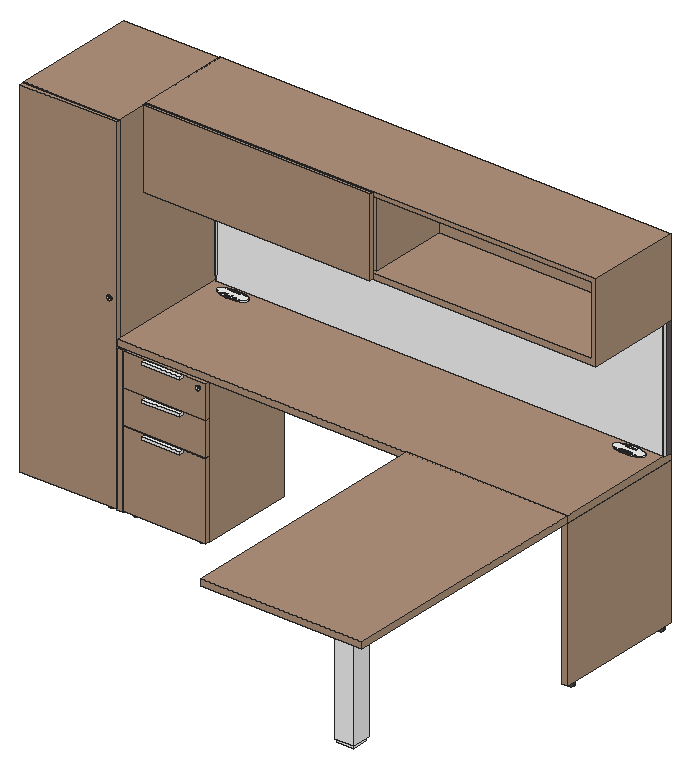
Revit family "Expansion_Casegoods-Private_01-Teknion-R2018", category Furniture Systems, Revit 2018 (continued)
Definition of nested family "Storage-Freestanding-Teknion-BSPSS_Pedestal-R2018"
  Lines and regions (in)
    Masking region 4
      outline origin (0, 0, 0) x (1, 0, 0) y (0, 1, 0)
        loop
          line (-3.86395, -14.06449) -> (-3.86395, -14.81646) -> (3.13605, -14.81646) -> (3.13605, -14.06449) -> (-3.86395, -14.06449)
    symbolic lines, detail levels fine
      curve 1: arc (-6.96391, 13.82122, 0) -> (-6.46391, 14.32122, 0) -> (-5.96391, 13.82122, 0) r 0.5
      curve 2: arc (-5.96391, 13.82122, 0) -> (-6.46391, 13.32122, 0) -> (-6.96391, 13.82122, 0) r 0.5
      curve 3: arc (5.23602, 13.82122, 0) -> (5.73602, 14.32122, 0) -> (6.23602, 13.82122, 0) r 0.5
      curve 4: arc (6.23602, 13.82122, 0) -> (5.73602, 13.32122, 0) -> (5.23602, 13.82122, 0) r 0.5
      curve 5: arc (5.23602, -12.72429, 0) -> (5.73602, -12.22429, 0) -> (6.23602, -12.72429, 0) r 0.5
      curve 6: arc (6.23602, -12.72429, 0) -> (5.73602, -13.22429, 0) -> (5.23602, -12.72429, 0) r 0.5
      curve 7: arc (-6.96391, -12.72429, 0) -> (-6.46391, -12.22429, 0) -> (-5.96391, -12.72429, 0) r 0.5
      curve 8: arc (-5.96391, -12.72429, 0) -> (-6.46391, -13.22429, 0) -> (-6.96391, -12.72429, 0) r 0.5
  Dimensions and locks (in)
    locked: plane 4 "Left" to plane 5 "Right" at 15.5
    "Depth": plane 6 "Back" to plane 7 "Front"
    locked: plane 8 "Top" to level at 27.48031
    equal spacing: plane 7 "Front", plane 1 "Center Front/Back", plane 6 "Back"
    equal spacing: plane 4 "Left", plane 3 "Center Left/Right", plane 5 "Right"
    locked: plane 7 "Front" to Sweep 1 sketch curve at 0.83858
    locked: plane 7 "Front" to plane 9 at 2.75
    Sweep 2 sketch curve to plane 9 = 0' - 3.589"
    Sweep 2 sketch curve to Sweep 2 sketch curve to level = 0' - 0.11811" locked, 1' - 2.88189" locked
    locked: plane 7 "Front" to Sweep 3 sketch curve at 0.70079
    locked: Sweep 3 sketch curve to level at 0.72047
    locked: plane 8 "Top" to Sweep 3 sketch curve at 0.11811
    locked: Sweep 4 sketch curve to plane 7 "Front" at 0.75197
    Sweep 4 sketch curve to Sweep 4 sketch curve to level = 0' - 0 1/2" locked, 1' - 2.36221" locked
    Sweep 4 sketch curve to plane 3 "Center Left/Right" to Sweep 4 sketch curve = 0' - 3 1/2" locked, 0' - 3 1/2" locked
    plane 8 "Top" to Sweep 5 sketch curve to Sweep 5 sketch curve = 0' - 0.13779" locked, 0' - 0 1/2" locked
    Sweep 5 sketch curve to plane 3 "Center Left/Right" to Sweep 5 sketch curve = 0' - 3 1/2" locked, 0' - 3 1/2" locked
    locked: Sweep 5 sketch curve to plane 7 "Front" at 0.75197
    locked: Sweep 6 sketch curve to plane 7 "Front" at 0.05906
    locked: plane 8 "Top" to Sweep 6 sketch curve at 1.37795
    locked: Sweep 6 sketch curve to plane 5 "Right" at 1.51575
    plane 8 "Top" to Sweep 6 sketch curve to Sweep 6 sketch curve = 0' - 1.19094" locked, 0' - 0.37402" locked
    Sweep 6 sketch curve to Sweep 6 sketch curve to plane 5 "Right" = 0' - 0.09843" locked, 0' - 1.46654" locked
    locked: plane 10 to level at 0.60236
    locked: plane 7 "Front" to Sweep 7 sketch curve at 1.3402  (x2)
    locked: plane 4 "Left" to Sweep 7 sketch curve at 1.65003  (x2)
    locked: Sweep 7 sketch curve to plane 5 "Right" at 1.65003  (x2)
    locked: plane 6 "Back" to Sweep 7 sketch curve at 2.11429  (x2)
    plane 8 "Top" to Sweep 8 sketch curve to Sweep 8 sketch curve = 0' - 6.24016" locked, 0' - 0.11811" locked
    "Box, Box, File Top Drawer Cut-Out": Sweep 8 sketch curve to plane 9
    plane 8 "Top" to Sweep 9 sketch curve to Sweep 9 sketch curve = 0' - 6.37795" locked, 0' - 0 1/2" locked
    Sweep 9 sketch curve to plane 3 "Center Left/Right" to Sweep 9 sketch curve = 0' - 3 1/2" locked, 0' - 3 1/2" locked
    locked: Sweep 9 sketch curve to plane 7 "Front" at 0.75197
    Masking region 3 sketch curve to Masking region 3 sketch curve to plane 5 "Right" = 0' - 0.7874" locked, 0' - 1.12205" locked
    aligned and locked: level to plane 2
    aligned and locked: plane 6 "Back" to Sweep 1 sketch curve
    aligned and locked: Sweep 1 sketch curve to plane 3 "Center Left/Right"
    aligned and locked: plane 5 "Right" to Sweep 1 sketch curve
    aligned and locked: plane 4 "Left" to Sweep 1 sketch curve
    aligned and locked: Sweep 1 sketch curve to plane 8 "Top"
    aligned and locked: plane 9 to Sweep 2 sketch curve
    aligned and locked: Sweep 2 sketch curve to plane 3 "Center Left/Right"
    aligned and locked: plane 5 "Right" to Sweep 2 sketch curve
    aligned and locked: plane 4 "Left" to Sweep 2 sketch curve
    aligned and locked: plane 7 "Front" to Sweep 3 sketch curve
    aligned and locked: plane 3 "Center Left/Right" to Sweep 3 sketch curve
    aligned and locked: plane 4 "Left" to Sweep 3 sketch curve
    aligned and locked: plane 5 "Right" to Sweep 3 sketch curve
    aligned and locked: plane 7 "Front" to Sweep 4 sketch curve
    aligned and locked: Sweep 4 sketch curve to plane 3 "Center Left/Right"
    aligned and locked: plane 7 "Front" to Sweep 5 sketch curve
    aligned and locked: Sweep 5 sketch curve to plane 3 "Center Left/Right"
    aligned and locked: plane 7 "Front" to Sweep 6 sketch curve
    aligned and locked: plane 10 to Sweep 7 sketch curve
    aligned and locked: level to Sweep 7 sketch curve
    aligned and locked: plane 3 "Center Left/Right" to Sweep 7 sketch curve
    aligned and locked: plane 4 "Left" to Sweep 8 sketch curve
    aligned and locked: plane 5 "Right" to Sweep 8 sketch curve
    aligned and locked: plane 9 to Sweep 8 sketch curve
    aligned and locked: plane 7 "Front" to Sweep 9 sketch curve
    aligned and locked: Sweep 9 sketch curve to plane 3 "Center Left/Right"
    aligned and locked: Masking region 1 sketch curve to plane 4 "Left"
    aligned and locked: Masking region 1 sketch curve to plane 6 "Back"
    aligned and locked: Masking region 1 sketch curve to plane 5 "Right"
    aligned and locked: Masking region 1 sketch curve to cut or joined group of Sweep 1, Sweep 8
    aligned and locked: Masking region 2 sketch curve to plane 7 "Front"
    aligned and locked: Masking region 2 sketch curve to plane 4 "Left"
    aligned and locked: Masking region 2 sketch curve to cut or joined group of Sweep 2, Sweep 3, Sweep 8
    aligned and locked: plane 5 "Right" to Masking region 2 sketch curve
    aligned and locked: Masking region 3 sketch curve to Sweep 6  (x2)
    aligned and locked: plane 7 "Front" to Masking region 4 sketch curve
    aligned and locked: Masking region 4 sketch curve to Sweep 4
    aligned and locked: Masking region 4 sketch curve to Sweep 5  (x2)
    aligned and locked: curve 1 to Sweep 7
    aligned and locked: curve 2 to Sweep 7
    aligned and locked: curve 3 to Sweep 7
    aligned and locked: curve 4 to Sweep 7
    aligned and locked: curve 5 to Sweep 7
    aligned and locked: curve 6 to Sweep 7
    aligned and locked: curve 7 to Sweep 7
    aligned and locked: curve 8 to Sweep 7
    aligned and locked: plane 10 to Sweep 1 sketch curve
  Automatic sketch dimensions
    plane 5 "Right" to Sweep 6 sketch curve = 0' - 1.51575"
    Sweep 8 sketch curve to plane 3 "Center Left/Right" = 0' - 0"
    radius of Sweep 6 sketch curve = 0' - 0.3937"
    radius of Sweep 7 sketch curve = 0' - 0 1/2"  (x4)
Definition of nested family "Storage-Freestanding-Teknion-BFRL_Full_Solid_Door_Tower-R2018"
  Parameters (values of type "18"w x 66"h")
    Warranty = "http://www.teknion.com/ca/papers/legal-canada"
    Wardrobe [instance] = not(or(Shelves, File Drawers and Shelves))  # no
    To render please download texture images found here [instance] = "https://assets.teknion.com/web/5e81352c1dfdb467/revit-material-swatches/"
    Shelves [instance] = yes
    Unit Weight URL = "http://www.teknion.com/pricing/expansion-casegoods/pdfs/wv.pdf"
    URL = "http://www.teknion.com/"
    Top Shelf Height Offset [instance] = if(Height = 5' 6", 1' 2.906", 1' 4.986")  # 1' - 2.906"
    Sustainability Data = "http://www.teknion.com/about-teknion/environment/datasheets.asp"
    Series = "Expansion Casegoods"  # constant formula
    Product Page URL = "http://www.teknion.com/ca/products/product-details?productlineid=0053336e-8e7a-673b-a6c8-ff00004460c4"
    Product Line = "Expansion Casegoods"  # constant formula
    Product Documentation Link = "http://www.teknion.com/pricing/expansion-casegoods/pdfs/BFRL_ppg.pdf"
    Part Number = "BFRL"  # constant formula
    Note [instance] = "Available Depths are 18 and 24 inches."  # constant formula
    Model = "BFRL___1866_"
    Middle Shelf Visibility [instance] = or(File Drawers and Shelves, Shelves)  # yes
    Middle Shelf Height Offset [instance] = if(Height = 5' 6", 1' 2.846", 1' 4.927")  # 1' - 2.846"
    Manufacturer Phone = "416-661-3370"
    Manufacturer Fax = "416.661.4586"
    Manufacturer Contact Information = "http://www.teknion.com/ca/contactus"
    Manufacturer Address = "1150 Flint Road, Toronto, ON. M3J 2J5. Canada"
    Manufacturer = "Teknion"  # constant formula
    Lock Height Offset [instance] = if(Height = 6' 0", 2' 9.722", 2' 5.561")  # 2' - 5.561"
    How to Add Texture Images to your Revit Project [instance] = "https://assets.teknion.com/m/205dd0a49fa58060/original/How-to-add-a-Material-Library-and-Texture-Images-to-your-Revit-project.pdf"
    Height = 5' - 6"
    For Additional Finishes please visit [instance] = "https://assets.teknion.com/m/44a8009b046e5d47/original/Teknion_Materials_Library.zip"
    File Drawers and Shelves [instance] = no
    Door Front Finish [instance] = none
    Description = "Freestanding Tower with Full Solid Door, 18\"w, 66\"h"
    Depth [instance] = 1' - 6"
    Configurations Note [instance] = "Please select one of the following."  # constant formula
    Case Finish [instance] = none
    Bottom Shelf Visibility [instance] = or(Shelves)  # yes
    Assembly Code = "E2020200"
    Actual Height = if(Height = 5' 6", 5' 5.165", 5' 11.406")  # 5' - 5.165"
    Actual Depth [instance] = if(Depth = 1' 6", 1' 5.161", 1' 11.161")  # 1' - 5.161"
  Types (2): name | Top Shelf Height Offset | Model | Middle Shelf Height Offset | Lock Height Offset | Height | Description | Actual Height
    18"w x 66"h | 1' - 2.906" | "BFRL___1866_" | 1' - 2.846" | 2' - 5.561" | 5' - 6" | "Freestanding Tower with Full Solid Door, 18\"w, 66\"h" | 5' - 5.165"
    18"w x 72"h | 1' - 4.986" | "BFRL___1872_" | 1' - 4.927" | 2' - 9.722" | 6' - 0" | "Freestanding Tower with Full Solid Door, 18\"w, 72\"h" | 5' - 11.406"
  Reference planes (in)
    plane 1 "Center F/B": y = 0.37429
    plane 2: z = 0
    plane 3 "Center L/R": x = 0
    plane 4 "Left": x = -8.955
    plane 5 "Right": x = 8.955
    plane 6 "Back": y = 8.95479
    plane 7 "Front": y = -8.20621
    plane 8 "Top": z = 65.165
    plane 9: z = 32.5825
    plane 10: y = -8.344
    plane 11: y = -9.04479
    plane 12: x = -8.25421
    plane 13: z = 2.49213
    plane 14: x = 8.25421
    plane 15: z = 64.46421
    plane 16: y = 8.254
    plane 17: z = 49.55821
    plane 18: z = 48.85743
    plane 19: z = 33.66096
    plane 20: z = 32.96017
    plane 21: z = 18.11417
    plane 22: z = 17.41339
  Forms (in)
    Sweep 1, solid, material <- "Case Finish"
      path origin (0, 0.37429, 0) x (1, 0, 0) y (0, 0, 1)
        loop
          line (0, 0.60236) -> (0, 65.165)
      profile origin (0, 0.37429, 32.88368) x (-1, 0, 0) y (0, -1, 0)
        loop
          line (8.955, -8.5805) -> (8.955, 8.5805) -> (-8.955, 8.5805) -> (-8.955, -8.5805) -> (8.955, -8.5805)
    Sweep 2, solid
      path origin (0, -9, 0) x (1, 0, 0) y (0, 0, 1)
        loop
          line (0, 0.60236) -> (0, 0)
      profile origin (0, -9, 0.30118) x (0, -1, 0) y (1, 0, 0)
        loop
          circle (-1.34556, -6.99292) r 0.5
        loop
          circle (-1.34556, 6.99292) r 0.5
        loop
          circle (-16.65862, -6.99292) r 0.5
        loop
          circle (-16.65862, 6.99292) r 0.5
    Extrusion 3, solid, material <- "Door Front Finish"
      sketch origin (-8.955, -9.04479, 48) x (-1, 0, 0) y (0, 0, 1)
        loop
          line (0, -47.27953) -> (0, 17.04689) -> (-17.91, 17.04689) -> (-17.91, -47.27953) -> (0, -47.27953)
      from 0 to 0.70079
    Extrusion 4, void
      sketch origin (-8.955, -8.344, 48) x (1, 0, 0) y (0, 0, 1)
        loop
          line (0.70079, -45.50787) -> (17.20921, -45.50787) -> (17.20921, 16.46421) -> (0.70079, 16.46421) -> (0.70079, -45.50787)
      from -16.59801 to -0.1378
    Extrusion 5, solid, material <- "Case Finish"
      sketch origin (-8.955, -8.344, 48) x (-1, 0, 0) y (0, 0, 1)
        loop
          line (-17.20921, 1.55821) -> (-17.20921, 0.85743) -> (-0.70079, 0.85743) -> (-0.70079, 1.55821) -> (-17.20921, 1.55821)
      from 0.1378 to 16.59801
    Extrusion 6, solid, material <- "Case Finish", visible <- "Middle Shelf Visibility"
      sketch origin (-15.16421, -8.344, 31.00849) x (-1, 0, 0) y (0, 0, 1)
        loop
          line (-23.41843, 2.65247) -> (-23.41843, 1.95168) -> (-6.91, 1.95168) -> (-6.91, 2.65247) -> (-23.41843, 2.65247)
      from 0.1378 to 16.59801
    Extrusion 7, solid, material <- "Case Finish", visible <- "Bottom Shelf Visibility"
      sketch origin (-8.955, -8.344, 16.55496) x (-1, 0, 0) y (0, 0, 1)
        loop
          line (-17.20921, 1.55921) -> (-17.20921, 0.85843) -> (-0.70079, 0.85843) -> (-0.70079, 1.55921) -> (-17.20921, 1.55921)
      from 0.1378 to 16.59801
    Extrusion 8, solid
      sketch origin (-8.5613, -9.04479, 48) x (-1, 0, 0) y (0, 0, 1)
        loop
          line (-16.22693, -12.396) -> (-16.22693, -12.77002) -> (-16.1285, -12.77002) -> (-16.1285, -12.396) -> (-16.22693, -12.396)
        loop
          circle (-16.17772, -12.58301) r 0.4
      from 0 to -0.05906
    Extrusion 9, solid, visible <- "File Drawers and Shelves"
      sketch origin (-8.5613, -9.18589, 48) x (-1, 0, 0) y (0, 0, 1)
        loop
          line (-0.30709, -30.58661) -> (-0.30709, -18.58661) -> (-16.81551, -18.58661) -> (-16.81551, -30.58661) -> (-0.30709, -30.58661)
        loop
          line (-0.30709, -44.08661) -> (-0.30709, -32.08661) -> (-16.81551, -32.08661) -> (-16.81551, -44.08661) -> (-0.30709, -44.08661)
      from 0.97969 to 1.68069
  Cuts and joins
    Extrusion 4 cuts Sweep 1
  Lines and regions (in)
    Masking region 1
      outline origin (0, 0, 65.165) x (-1, 0, 0) y (0, -1, 0)
        loop
          line (8.955, -8.95479) -> (8.955, 8.20621) -> (-8.955, 8.20621) -> (-8.955, -8.95479) -> (8.955, -8.95479)
    Masking region 2
      outline origin (0, 0, 0) x (1, 0, 0) y (0, 1, 0)
        loop
          line (-8.955, -8.344) -> (-8.955, -9.04479) -> (8.955, -9.04479) -> (8.955, -8.344) -> (-8.955, -8.344)
    symbolic lines
      curve 1: line (8.89594, 0.37429, 65.04689) -> (-8.89595, 0.37429, 32.5825)
      curve 2: line (-8.89595, 0.37429, 32.5825) -> (8.89594, 0.37429, 1.5748)
    symbolic lines, detail levels medium+fine
      curve 3: line (8.5613, -8.344, 0) -> (8.5613, -9.04479, 0)
      curve 15: line (8.25421, 8.254, 0) -> (-8.25421, 8.254, 0)
      curve 16: line (8.25421, -8.20621, 0) -> (8.25421, 8.254, 0)
      curve 17: line (-8.25421, 8.254, 0) -> (-8.25421, -8.20621, 0)
    symbolic lines, detail levels fine
      curve 4: line (7.21642, -9.10385, 0) -> (8.01642, -9.10385, 0)
      curve 5: line (8.01642, -9.10385, 0) -> (8.01642, -9.04479, 0)
      curve 6: line (7.21642, -9.10385, 0) -> (7.21642, -9.04479, 0)
      curve 7: arc (-6.99292, -8.15444, 0) -> (-6.49292, -7.65444, 0) -> (-6.99292, -7.15444, 0) r 0.5
      curve 8: arc (-6.99292, -7.15444, 0) -> (-7.49292, -7.65444, 0) -> (-6.99292, -8.15444, 0) r 0.5
      curve 9: arc (6.99292, -8.15444, 0) -> (7.49292, -7.65444, 0) -> (6.99292, -7.15444, 0) r 0.5
      curve 10: arc (6.99292, -7.15444, 0) -> (6.49292, -7.65444, 0) -> (6.99292, -8.15444, 0) r 0.5
      curve 11: arc (6.99292, 7.15862, 0) -> (7.49292, 7.65862, 0) -> (6.99292, 8.15862, 0) r 0.5
      curve 12: arc (6.99292, 8.15862, 0) -> (6.49292, 7.65862, 0) -> (6.99292, 7.15862, 0) r 0.5
      curve 13: arc (-6.99292, 7.15862, 0) -> (-6.49292, 7.65862, 0) -> (-6.99292, 8.15862, 0) r 0.5
      curve 14: arc (-6.99292, 8.15862, 0) -> (-7.49292, 7.65862, 0) -> (-6.99292, 7.15862, 0) r 0.5
    symbolic lines, visible <- "File Drawers and Shelves", detail levels fine
      curve 18: line (8.25421, -7.50521, 0) -> (-8.25421, -7.50521, 0)
  Dimensions and locks (in)
    equal spacing: plane 4 "Left", plane 3 "Center L/R", plane 5 "Right"
    locked: plane 4 "Left" to plane 5 "Right" at 17.91
    equal spacing: plane 6 "Back", plane 1 "Center F/B", plane 7 "Front"
    "Actual Height": plane 8 "Top" to plane 2
    locked: Sweep 1 sketch curve to plane 2 at 0.60236
    locked: plane 4 "Left" to Sweep 2 sketch curve at 1.96208  (x2)
    locked: plane 7 "Front" to Sweep 2 sketch curve at 0.55177  (x2)
    locked: Sweep 2 sketch curve to plane 2 at 0.60236
    equal spacing: plane 8 "Top", plane 9, plane 2
    locked: plane 6 "Back" to Sweep 2 sketch curve at 1.29617  (x2)
    locked: Sweep 2 sketch curve to plane 5 "Right" at 1.96208  (x2)
    locked: plane 7 "Front" to plane 10 at 0.1378
    locked: plane 10 to plane 11 at 0.70079
    locked: Extrusion 3 sketch curve to plane 2 at 0.72047
    locked: plane 8 "Top" to plane 15 at 0.70079
    locked: plane 12 to plane 4 "Left" at 0.70079
    locked: plane 14 to plane 5 "Right" at 0.70079
    locked: plane 13 to plane 2 at 2.49213
    locked: plane 6 "Back" to plane 16 at 0.70079
    locked: plane 17 to plane 18 at 0.70079
    locked: plane 19 to plane 20 at 0.70079
    "Middle Shelf Height Offset": plane 20 to plane 21
    locked: plane 21 to plane 22 at 0.70079
    locked: plane 22 to plane 13 at 14.92126
    "Top Shelf Height Offset": plane 15 to plane 17
    Extrusion 8 sketch curve to Extrusion 8 sketch curve to Extrusion 8 sketch curve = 0' - 0.18701" locked, 0' - 0.18701" locked
    "Lock Height Offset": plane 8 "Top" to Extrusion 8 sketch curve
    "Actual Depth": plane 6 "Back" to plane 7 "Front"
    curve 6 to curve 5 to plane 5 "Right" = 0' - 0.8" locked, 0' - 0.93858" locked
    locked: plane 8 "Top" to Extrusion 3 sketch curve at 0.11811
    locked: Extrusion 8 to plane 11 at 0.05906
    locked: Extrusion 9 sketch curve to plane 2 at 3.91339
    locked: plane 22 to Extrusion 9 sketch curve at 1.5
    locked: plane 20 to Extrusion 9 sketch curve at 3.54679
    locked: Extrusion 9 to plane 7 "Front" at 0.701
    aligned and locked: level to plane 2
    aligned and locked: Masking region 1 sketch curve to plane 5 "Right"
    aligned and locked: plane 4 "Left" to Masking region 1 sketch curve
    aligned and locked: plane 8 "Top" to Sweep 1 sketch curve
    aligned and locked: plane 3 "Center L/R" to Sweep 1 sketch curve
    aligned and locked: plane 4 "Left" to Sweep 1 sketch curve
    aligned and locked: Sweep 1 sketch curve to plane 5 "Right"
    aligned and locked: plane 2 to Sweep 2 sketch curve
    aligned and locked: nested 1 to plane 3 "Center L/R"
    aligned and locked: nested 1 to plane 7 "Front"
    aligned and locked: plane 9 to curve 2
    aligned and locked: Masking region 1 sketch curve to Sweep 1  (x2)
    aligned and locked: plane 4 "Left" to Extrusion 3 sketch curve
    aligned and locked: plane 10 to Extrusion 3
    aligned and locked: Extrusion 3 to plane 11
    aligned and locked: Extrusion 3 sketch curve to plane 5 "Right"
    aligned and locked: Extrusion 4 sketch curve to plane 13
    aligned and locked: Extrusion 4 sketch curve to plane 12
    aligned and locked: Extrusion 4 sketch curve to plane 15
    aligned and locked: plane 14 to Extrusion 4 sketch curve
    aligned and locked: plane 16 to Extrusion 4
    aligned and locked: plane 7 "Front" to Extrusion 4
    aligned and locked: plane 17 to Extrusion 5 sketch curve
    aligned and locked: plane 18 to Extrusion 5 sketch curve
    aligned and locked: plane 12 to Extrusion 5 sketch curve
    aligned and locked: Extrusion 5 sketch curve to plane 14
    aligned and locked: plane 16 to Extrusion 5
    aligned and locked: Extrusion 6 to plane 19
    aligned and locked: plane 20 to Extrusion 6
    aligned and locked: Extrusion 7 to plane 21
    aligned and locked: plane 22 to Extrusion 7
    aligned and locked: Extrusion 7 to plane 12
    aligned and locked: Extrusion 7 to plane 14
    aligned and locked: Extrusion 6 to plane 12
    aligned and locked: Extrusion 6 to plane 14
    aligned and locked: Sweep 1 sketch curve to plane 6 "Back"
    aligned and locked: Sweep 1 sketch curve to plane 7 "Front"
    aligned and locked: plane 16 to Extrusion 6
    aligned and locked: plane 16 to Extrusion 7
    aligned and locked: Masking region 2 sketch curve to plane 4 "Left"
    aligned and locked: Masking region 2 sketch curve to plane 10
    aligned and locked: Masking region 2 sketch curve to plane 11
    aligned and locked: plane 5 "Right" to Masking region 2 sketch curve
    aligned and locked: curve 4 to Extrusion 8
    aligned and locked: curve 7 to Sweep 2
    aligned and locked: curve 8 to Sweep 2
    aligned and locked: curve 9 to Sweep 2
    aligned and locked: curve 10 to Sweep 2
    aligned and locked: curve 11 to Sweep 2
    aligned and locked: curve 12 to Sweep 2
    aligned and locked: curve 13 to Sweep 2
    aligned and locked: curve 14 to Sweep 2
    aligned and locked: plane 7 "Front" to Extrusion 5
    aligned and locked: plane 7 "Front" to Extrusion 6
    aligned and locked: plane 7 "Front" to Extrusion 7
    aligned and locked: plane 11 to Extrusion 8
    aligned and locked: plane 22 to Extrusion 9 sketch curve
    aligned and locked: Extrusion 9 sketch curve to plane 14  (x2)
    aligned and locked: Extrusion 9 sketch curve to plane 12  (x2)
    aligned and locked: plane 7 "Front" to Extrusion 9
  Automatic sketch dimensions
    plane 4 "Left" to curve 1 = 0' - 0.05905"
    curve 2 to plane 5 "Right" = 0' - 0.05906"
    curve 1 to plane 5 "Right" = 0' - 0.05906"
    curve 2 to plane 13 = 0' - 0.91732"
    curve 1 to plane 8 "Top" = 0' - 0.11811"
    Sweep 2 sketch curve to plane 3 "Center L/R" = 0' - 0"
    Extrusion 6 sketch curve to plane 14 = 0' - 0"
    Extrusion 6 sketch curve to plane 12 = 0' - 0"
    plane 20 to Extrusion 6 sketch curve = 0' - 0"
    Extrusion 6 sketch curve to plane 19 = 0' - 0"
    Extrusion 7 sketch curve to plane 14 = 0' - 0"
    Extrusion 7 sketch curve to plane 12 = 0' - 0"
    plane 22 to Extrusion 7 sketch curve = 0' - 0"
    Extrusion 7 sketch curve to plane 21 = 0' - 0"
    plane 14 to Extrusion 8 sketch curve = 0' - 0.58858"
    Extrusion 8 sketch curve to Extrusion 8 sketch curve = 0' - 0.04921"
    Extrusion 8 sketch curve to Extrusion 8 sketch curve = 0' - 0.09843"
    curve 3 to plane 11 = 0' - 0"
    curve 3 to plane 10 = 0' - 0"
    plane 7 "Front" to curve 16 = 0' - 0"
    plane 7 "Front" to curve 17 = 0' - 0"
    curve 17 to plane 12 = 0' - 0"
    curve 15 to plane 14 = 0' - 0"
    curve 16 to plane 16 = 0' - 0"
    curve 3 to plane 14 = 0' - 0.30709"
    curve 4 to curve 6 = 0' - 0.05906"
    curve 4 to curve 5 = 0' - 0.05906"
    curve 18 to plane 7 "Front" = 0' - 0.701"
    radius of Sweep 2 sketch curve = 0' - 0 1/2"  (x4)
    radius of Extrusion 8 sketch curve = 0' - 0.4"
  Nested families (in)
    nested 1: "Door-Swing_Symbol-Teknion-2D" at (0, -8.20621, 0) x (-1, 0, 0) z (0, 0, 1), type "Door-Swing_Symbol-Teknion-2D", detail levels fine
      with Swing Width 1' - 5.91"
  Definition of nested family "Door-Swing_Symbol-Teknion-2D"
    Parameters
      Swing Width = 2' - 2"
    Reference planes (in)
      plane 1 "Center (Front/Back)": y = 0
      plane 2: z = 0
      plane 3 "Center (Left/Right)": x = 0
      plane 4: x = -13
      plane 5: x = 13
    Lines and regions (in)
      detail lines, in view "Ref. Level"
        curve 1: line (13, 0, 0) -> (13, -26, 0)
        curve 2: arc (-13, 0, 0) -> (-5.38478, -18.38478, 0) -> (13, -26, 0) r 26
    Dimensions and locks (in)
      equal spacing: plane 4, plane 3 "Center (Left/Right)", plane 5
      "Swing Width": plane 4 to plane 5
      "Swing Width": curve 1 to plane 1 "Center (Front/Back)"
      "Swing Width": radius of curve 2
      aligned and locked: plane 1 "Center (Front/Back)" to curve 1
    Automatic sketch dimensions
      curve 2 to plane 4 = 0' - 0"
Definition of nested family "Storage-Mounted-Teknion-BOCSS_Overhead_Cabinet_Solid_Overlay_Sliding_Door-R2018"
  Parameters (values of type "Wall Mounted, One Door, 16" Depth")
    Width [instance] = 4' - 0"
    Warranty = "http://www.teknion.com/ca/papers/legal-canada"
    Unit Weight URL = "http://www.teknion.com/ca/tools/assets#&asset=bee6a381-b954-425e-8283-5a2de3a804f2,f828d448-4b62-4231-9e5f-9a8991c0ed77"
    URL = "www.teknion.com"
    Two Doors = no
    To render please download texture images found here [instance] = "https://assets.teknion.com/web/5e81352c1dfdb467/revit-material-swatches/"
    Sustainability Data = "https://www.teknion.com/ca/tools/assets#&topic=216f99a5-57a0-44fc-b10a-9dee9b29ae4c&asset=444deb64-fe58-4b68-981e-f75e97781df7,b4ff2d81-9f2e-437d-9659-7cffb09c31cf"
    Series = "Expansion Casegoods"  # constant formula
    Pull Finish [instance] = none
    Product Page URL = "https://www.teknion.com/ca/products/product-details?productLineId=0053336e-8e7a-673b-a6c8-ff00004460c4"
    Product Line = "Expansion Casegoods"  # constant formula
    Product Documentation Link = "https://www.teknion.com/pricing/expansion-casegoods/pdfs/Bocss_ppg.pdf"
    Part Number = "BOCSS"  # constant formula
    Overlay Door Finish [instance] = none
    Model = "BOCSSWO16__15_"
    Middle Shelf Divider [instance] = Width > 4' 1"  # no
    Manufacturer Phone = "416-661-3370"  # constant formula
    Manufacturer Fax = "416.661.4586"  # constant formula
    Manufacturer Contact Information = "http://www.teknion.com/ca/contactus"
    Manufacturer Address = "1150 Flint Road, Toronto, ON. M3J 2J5. Canada"  # constant formula
    Manufacturer = "Teknion"  # constant formula
    Inset Door Finish [instance] = none
    How To Use Teknion Materials User Guide [instance] = "https://assets.teknion.com/m/205dd0a49fa58060/original/How-to-add-a-Material-Library-and-Texture-Images-to-your-Revit-project.pdf"
    For Additional Finishes please visit [instance] = "https://assets.teknion.com/m/44a8009b046e5d47/original/Teknion_Materials_Library.zip"
    Divider Depth Offset = 0' - 1.567"
    Description = "Overhead Cabinet – Solid Overlay Sliding Door, Wall Mounted, One Door, 16\" Depth, 15\" Height"
    Depth = 1' - 4.673"
    Case Finish [instance] = none
    Available Widths [instance] = "30\", 36\", 42\", 48\", 54\", 60\", 66\", 72\", 78\", or 84\""  # constant formula
    Assembly Code = "E2020200"
    Actual Width [instance] = if(Width = 2' 6", 2' 5.85", if(Width = 3' 0", 2' 11.819", if(Width = 3' 6", 3' 5.791", if(Width = 4' 0", 3' 11.76", if(Width = 4' 6", 4' 5.728", if(Width = 5' 0", 4' 11.701", if(Width = 5' 6", 5' 5.669", if(Width = 6' 0", 5' 11.642", if(Width = 6' 6", 6' 5.61", 6' 11.579")))))))))  # 3' - 11.76"
  Types (5): name | Two Doors | Model | Divider Depth Offset | Description | Depth
    (no name) | no | "BOCSSWO16__15_" | 0' - 1.567" | "Overhead Cabinet – Solid Overlay Sliding Door, Wall Mounted, One Door, 16\" Depth, 15\" Height" | 1' - 4.673"
    Wall Mounted, Two Doors, 16" Depth | yes | "BOCSSWT16__15_" | 0' - 2.38583" | "Overhead Cabinet – Solid Overlay Sliding Door, Wall Mounted, Two Doors, 16\" Depth, 15\" Height" | 1' - 4.673"
    Wall Panel Mounted, One Door, 18" Depth | no | "BOCSSBO18__15_" | 0' - 1.567" | "Overhead Cabinet – Solid Overlay Sliding Door, Wall Panel Mounted, One Door, 18\" Depth, 15\" Height" | 1' - 6"
    Wall Panel Mounted, Two Doors, 18" Depth | yes | "BOCSSBT18__15_" | 0' - 2.38583" | "Overhead Cabinet – Solid Overlay Sliding Door, Wall Panel Mounted, Two Doors, 18\" Depth, 15\" Height" | 1' - 6"
    Wall Mounted, One Door, 16" Depth | no | "BOCSSWO16__15_" | 0' - 1.567" | "Overhead Cabinet – Solid Overlay Sliding Door, Wall Mounted, One Door, 16\" Depth, 15\" Height" | 1' - 4.673"
  Reference planes (in)
    plane 1 "Center Front/Back": y = 0.3256
    plane 2: z = 0
    plane 3 "Center Left/Right": x = -0.80272
    plane 4 "Left": x = -24.68272
    plane 5 "Right": x = 23.07728
    plane 6 "Back": y = 8.6621
    plane 7 "Front": y = -8.0109
    plane 8 "Top": z = 65.37401
    plane 9: z = 50.80709
  Forms (in)
    Sweep 1, solid, material <- "Case Finish"
      path origin (0, 0, 0) x (1, 0, 0) y (0, 1, 0)
        loop
          line (-0.80272, -7.31011) -> (-0.80272, 8.6621)
      profile origin (-0.80272, 0.67599, 0) x (-1, 0, 0) y (0, 0, 1)
        loop
          line (23.88, 65.37401) -> (-23.88, 65.37401) -> (-23.88, 50.80709) -> (23.88, 50.80709) -> (23.88, 65.37401)
        loop
          line (23.17921, 64.67323) -> (-23.17921, 64.67323) -> (-23.17921, 51.82284) -> (23.17921, 51.82284) -> (23.17921, 64.67323)
    Sweep 2, solid, material <- "Overlay Door Finish"
      path origin (0, 0, 0) x (1, 0, 0) y (0, 1, 0)
        loop
          line (19.91677, -8.0109) -> (19.91677, -7.31011)
      profile origin (19.91677, -7.66051, 0) x (-1, 0, 0) y (0, 0, 1)
        loop
          line (21.06988, 50.80709) -> (21.06988, 65.25591) -> (-3.16051, 65.25591) -> (-3.16051, 50.80709) -> (21.06988, 50.80709)
    Sweep 3, solid, material <- "Pull Finish", visible <- "Two Doors"
      path origin (0, 0, 0) x (1, 0, 0) y (0, 1, 0)
        loop
          line (-22.78902, -5.81878) -> (-22.78902, -6.4735)
      profile origin (-22.78902, -6.14614, 0) x (1, 0, 0) y (0, 0, 1)
        loop
          circle (0, 58.34645) r 0.51496
    Sweep 4, void
      path origin (0, 0, 0) x (1, 0, 0) y (0, 1, 0)
        loop
          line (-22.78902, -6.4735) -> (-22.78902, -5.93689)
      profile origin (-22.78902, -6.20519, 0) x (-1, 0, 0) y (0, 0, 1)
        loop
          circle (0, 58.34645) r 0.43977
    Sweep 5, solid, material <- "Inset Door Finish", visible <- "Two Doors"
      path origin (0, 0, 0) x (1, 0, 0) y (0, 1, 0)
        loop
          line (-21.55272, -6.44397) -> (-21.55272, -5.74319)
      profile origin (-21.55272, -6.09358, 0) x (-1, 0, 0) y (0, 0, 1)
        loop
          line (2.42921, 64.67323) -> (-21.10039, 64.67323) -> (-21.10039, 52.01969) -> (2.42921, 52.01969) -> (2.42921, 64.67323)
    Sweep 6, void
      path origin (0, 0.3256, 0) x (1, 0, 0) y (0, 0, 1)
        loop
          line (-0.80272, 50.80709) -> (-0.80272, 64.67323)
      profile origin (-0.80272, 0.3256, 57.74016) x (-1, 0, 0) y (0, -1, 0)
        loop
          line (23.17921, -8.3365) -> (23.17921, -7.14359) -> (-23.17921, -7.14359) -> (-23.17921, -8.3365) -> (23.17921, -8.3365)
    Sweep 7, solid, material <- "Case Finish", visible <- "Middle Shelf Divider"
      path origin (0, 0, 0) x (1, 0, 0) y (0, 1, 0)
        loop
          line (-0.45232, 0.3256) -> (-1.15311, 0.3256)
      profile origin (-0.80272, 0.3256, 0) x (0, -1, 0) y (0, 0, 1)
        loop
          line (-6.4428, 64.67323) -> (-6.4428, 51.82284) -> (6.7695, 51.82284) -> (6.7695, 64.67323) -> (-6.4428, 64.67323)
    Sweep 8, solid, material <- "Case Finish"
      path origin (0, 0, 0) x (1, 0, 0) y (0, 1, 0)
        loop
          line (-0.80272, 6.7684) -> (-0.80272, 7.46919)
      profile origin (-0.80272, 7.11879, 0) x (-1, 0, 0) y (0, 0, 1)
        loop
          line (23.17921, 51.82284) -> (23.17921, 64.67323) -> (-23.17921, 64.67323) -> (-23.17921, 51.82284) -> (23.17921, 51.82284)
  Cuts and joins
    Sweep 4 cuts Sweep 3
    Sweep 6 cuts Sweep 1
    joined: Sweep 1, Sweep 8
    Sweep 4 cuts Sweep 5
  Lines and regions (in)
    Masking region 1
      outline origin (0, 0, 0) x (1, 0, 0) y (0, 1, 0)
        loop
          line (-24.68272, 8.6621) -> (-24.68272, -7.31011) -> (-1.15311, -7.31011) -> (-1.15311, -8.0109) -> (23.07728, -8.0109) -> (23.07728, 8.6621) -> (-24.68272, 8.6621)
    symbolic lines, detail levels medium+fine
      curve 1: line (-23.98193, 7.46919, 0) -> (-23.98193, 8.6621, 0)
      curve 2: line (-23.98193, 7.46919, 0) -> (22.37649, 7.46919, 0)
      curve 3: line (22.37649, 8.6621, 0) -> (22.37649, 7.46919, 0)
      curve 4: line (-23.98193, -7.31011, 0) -> (-23.98193, 6.7684, 0)
      curve 5: line (22.37649, 6.7684, 0) -> (-23.98193, 6.7684, 0)
      curve 6: line (22.37649, 6.7684, 0) -> (22.37649, -7.31011, 0)
    symbolic lines, visible <- "Two Doors", detail levels medium+fine
      curve 7: line (-0.45232, -6.44397, 0) -> (-23.98193, -6.44397, 0)
      curve 8: line (-0.45232, -5.74319, 0) -> (-23.98193, -5.74319, 0)
      curve 9: line (-0.45232, -6.44397, 0) -> (-0.45232, -5.74319, 0)
    symbolic lines, visible <- "Middle Shelf Divider", detail levels medium+fine
      curve 10: line (-1.15311, 6.7684, 0) -> (-1.15311, -6.4439, 0)
      curve 11: line (-0.45232, 6.7684, 0) -> (-0.45232, -6.4439, 0)
      curve 12: line (-1.15311, -6.4439, 0) -> (-0.45232, -6.4439, 0)
    symbolic lines, visible <- "Two Doors", detail levels fine
      curve 13: line (-23.30398, -5.81878, 0) -> (-22.27406, -5.81878, 0)
      curve 14: line (-23.30398, -6.4735, 0) -> (-22.27406, -6.4735, 0)
      curve 15: line (-23.30398, -5.81878, 0) -> (-23.30398, -6.4735, 0)
      curve 16: line (-22.27406, -5.81878, 0) -> (-22.27406, -6.4735, 0)
    symbolic lines
      curve 17: line (23.07728, -7.31011, 0) -> (-1.15311, -7.31011, 0)
  Dimensions and locks (in)
    "Actual Width": plane 4 "Left" to plane 5 "Right"
    "Depth": plane 6 "Back" to plane 7 "Front"
    locked: plane 8 "Top" to level at 65.37401
    equal spacing: plane 4 "Left", plane 3 "Center Left/Right", plane 5 "Right"
    equal spacing: plane 7 "Front", plane 1 "Center Front/Back", plane 6 "Back"
    locked: plane 8 "Top" to plane 9 at 14.56693
    locked: plane 7 "Front" to Sweep 1 sketch curve at 0.70079
    locked: plane 8 "Top" to Sweep 1 sketch curve at 0.70078
    locked: Sweep 1 sketch curve to plane 5 "Right" at 0.70079
    locked: Sweep 1 sketch curve to plane 4 "Left" at 0.70079
    locked: Sweep 1 sketch curve to plane 9 at 1.01575
    locked: plane 7 "Front" to Sweep 2 sketch curve at 0.70079
    locked: plane 3 "Center Left/Right" to Sweep 2 sketch curve at 0.3504
    locked: plane 8 "Top" to Sweep 2 sketch curve at 0.11811
    plane 7 "Front" to Sweep 3 sketch curve to Sweep 3 sketch curve = 0' - 1.5374" locked, 0' - 0.65473" locked
    locked: plane 4 "Left" to Sweep 3 sketch curve at 1.8937
    locked: Sweep 3 sketch curve to plane 4 "Left" at 1.8937
    locked: plane 8 "Top" to Sweep 3 sketch curve at 7.02756
    plane 7 "Front" to Sweep 4 sketch curve to Sweep 4 sketch curve = 0' - 1.5374" locked, 0' - 0.53661" locked
    locked: plane 4 "Left" to Sweep 4 sketch curve at 1.8937
    locked: Sweep 4 sketch curve to plane 4 "Left" at 1.8937
    locked: plane 8 "Top" to Sweep 4 sketch curve at 7.02756
    plane 7 "Front" to Sweep 5 sketch curve to Sweep 5 sketch curve = 0' - 1.56693" locked, 0' - 0.70079" locked
    locked: Sweep 5 sketch curve to plane 4 "Left" at 0.70079
    locked: Sweep 5 sketch curve to plane 3 "Center Left/Right" at 0.35039
    locked: plane 8 "Top" to Sweep 5 sketch curve at 0.70078
    locked: Sweep 5 sketch curve to plane 9 at 1.2126
    locked: plane 6 "Back" to Sweep 6 sketch curve at 1.19291
    locked: plane 4 "Left" to Sweep 6 sketch curve at 0.70079
    locked: Sweep 6 sketch curve to plane 5 "Right" at 0.70079
    locked: plane 8 "Top" to Sweep 6 sketch curve at 0.70078
    locked: plane 8 "Top" to Sweep 7 sketch curve at 0.70078
    locked: plane 6 "Back" to Sweep 7 sketch curve at 1.8937
    "Divider Depth Offset": Sweep 7 sketch curve to plane 7 "Front"
    locked: Sweep 7 sketch curve to plane 9 at 1.01575
    plane 6 "Back" to Sweep 8 sketch curve to Sweep 8 sketch curve = 0' - 1.19291" locked, 0' - 0.70079" locked
    locked: plane 8 "Top" to Sweep 8 sketch curve at 0.70078
    locked: Sweep 8 sketch curve to plane 4 "Left" at 0.70079
    locked: Sweep 8 sketch curve to plane 9 at 1.01575
    locked: Sweep 8 sketch curve to plane 5 "Right" at 0.70079
    plane 4 "Left" to curve 15 to curve 16 = 0' - 1.37874" locked, 0' - 1.02992" locked
    aligned and locked: level to plane 2
    aligned and locked: plane 6 "Back" to Sweep 1 sketch curve
    aligned and locked: plane 3 "Center Left/Right" to Sweep 1 sketch curve
    aligned and locked: plane 4 "Left" to Sweep 1 sketch curve
    aligned and locked: plane 8 "Top" to Sweep 1 sketch curve
    aligned and locked: plane 9 to Sweep 1 sketch curve
    aligned and locked: Sweep 1 sketch curve to plane 5 "Right"
    aligned and locked: plane 7 "Front" to Sweep 2 sketch curve
    aligned and locked: Sweep 2 sketch curve to plane 5 "Right"
    aligned and locked: Sweep 2 sketch curve to plane 9
    aligned and locked: plane 9 to Sweep 6 sketch curve
    aligned and locked: plane 3 "Center Left/Right" to Sweep 6 sketch curve
    aligned and locked: Sweep 6 sketch curve to plane 6 "Back"
    aligned and locked: plane 3 "Center Left/Right" to Sweep 8 sketch curve
    aligned and locked: Masking region 1 sketch curve to plane 4 "Left"
    aligned and locked: cut or joined group of Sweep 1, Sweep 6, Sweep 8 to Masking region 1 sketch curve
    aligned and locked: Masking region 1 sketch curve to Sweep 2  (x2)
    aligned and locked: Masking region 1 sketch curve to plane 5 "Right"
    aligned and locked: Masking region 1 sketch curve to plane 6 "Back"
    aligned and locked: cut or joined group of Sweep 1, Sweep 6, Sweep 8 to curve 1
    aligned and locked: curve 2 to cut or joined group of Sweep 1, Sweep 6, Sweep 8
    aligned and locked: curve 3 to cut or joined group of Sweep 1, Sweep 6, Sweep 8
    aligned and locked: curve 4 to cut or joined group of Sweep 1, Sweep 6, Sweep 8
    aligned and locked: curve 5 to cut or joined group of Sweep 1, Sweep 6, Sweep 8
    aligned and locked: cut or joined group of Sweep 1, Sweep 6, Sweep 8 to curve 6
    aligned and locked: curve 7 to cut or joined group of Sweep 4, Sweep 5
    aligned and locked: curve 8 to cut or joined group of Sweep 4, Sweep 5
    aligned and locked: curve 9 to cut or joined group of Sweep 4, Sweep 5
    aligned and locked: curve 10 to Sweep 7
    aligned and locked: curve 11 to Sweep 7
    aligned and locked: curve 12 to Sweep 7
    aligned and locked: curve 13 to cut or joined group of Sweep 3, Sweep 4
    aligned and locked: curve 14 to cut or joined group of Sweep 3, Sweep 4
    aligned and locked: curve 17 to Sweep 2
  Automatic sketch dimensions
    plane 3 "Center Left/Right" to Sweep 2 sketch curve = 1' - 8.71949"
    Sweep 5 sketch curve to plane 3 "Center Left/Right" = 1' - 8 3/4"
    plane 1 "Center Front/Back" to Sweep 7 sketch curve = 0' - 0"
    Sweep 7 sketch curve to plane 3 "Center Left/Right" = 0' - 0.3504"
    plane 3 "Center Left/Right" to Sweep 7 sketch curve = 0' - 0.35039"
    curve 1 to plane 6 "Back" = 0' - 0"
    curve 3 to plane 6 "Back" = 0' - 0"
    curve 4 to plane 7 "Front" = 0' - 0.70079"
    curve 17 to plane 5 "Right" = 0' - 0"
    curve 17 to plane 3 "Center Left/Right" = 0' - 0.3504"
    radius of Sweep 3 sketch curve = 0' - 0.51496"
    radius of Sweep 4 sketch curve = 0' - 0.43977"
Definition of nested family "Desks-Teknion-B_RPW_Rectangular_Peninsula_Worksurface-R2018"
  Parameters (values of type "1" Worksurface Thickness")
    Worksurface Thickness = if([1 3/16" WS Thickness], 0' 1.189", if([1 9/16" WS Thickness], 0' 1.555", 0' 1.016"))  # 0' - 1.016"
    Worksurface Finish [instance] = none
    Width [instance] = 4' - 0"
    Warranty = "http://www.teknion.com/ca/papers/legal-canada"
    Unit Weight URL = "http://www.teknion.com/ca/tools/assets#&asset=bee6a381-b954-425e-8283-5a2de3a804f2,f828d448-4b62-4231-9e5f-9a8991c0ed77"
    URL = "www.teknion.com"
    Top Bracket Visibility [instance] = or(Column Leg, Central Square Post Leg)  # yes
    To render please download texture images found here [instance] = "https://assets.teknion.com/web/5e81352c1dfdb467/revit-material-swatches/"
    Sustainability Data = "https://www.teknion.com/ca/tools/assets#&topic=216f99a5-57a0-44fc-b10a-9dee9b29ae4c&asset=444deb64-fe58-4b68-981e-f75e97781df7,b4ff2d81-9f2e-437d-9659-7cffb09c31cf"
    Support Style Note [instance] = "Please choose one of the following options below."  # constant formula
    Support Finish [instance] = none
    Series = "Expansion Casegoods"  # constant formula
    Product Page URL = "https://www.teknion.com/ca/products/product-details?productLineId=0053336e-8e7a-673b-a6c8-ff00004460c4"
    Product Line = "Expansion Casegoods"  # constant formula
    Product Documentation Link = "https://www.teknion.com/pricing/expansion-casegoods/pdfs/B_RPW_ppg.pdf"
    Part Number = "B_RPW"  # constant formula
    Model = "BDRPW_____"
    Manufacturer Phone = "416-661-3370"  # constant formula
    Manufacturer Fax = "416.661.4586"  # constant formula
    Manufacturer Contact Information = "http://www.teknion.com/ca/contactus"
    Manufacturer Address = "1150 Flint Road, Toronto, ON. M3J 2J5. Canada"  # constant formula
    Manufacturer = "Teknion"  # constant formula
    How To Use Teknion Materials User Guide [instance] = "https://assets.teknion.com/m/205dd0a49fa58060/original/How-to-add-a-Material-Library-and-Texture-Images-to-your-Revit-project.pdf"
    For Additional Finishes please visit [instance] = "https://assets.teknion.com/m/44a8009b046e5d47/original/Teknion_Materials_Library.zip"
    Elliptical Base Connection Node Visibility [instance] = and(Connection Node Visibility, Elliptical Base)  # no
    Elliptical Base [instance] = no
    Description = "Rectangular Peninsula Worksurface, 1\" Worksurface Thickness"
    Depth [instance] = 2' - 0"
    Connection Node Visibility [instance] = yes
    Column Leg [instance] = not(or(Elliptical Base, Central Square Post Leg))  # yes
    Central Square Post Leg [instance] = no
    Available Widths [instance] = if(Worksurface Thickness = 0' 1.016", "48, 54, 60, 66, or 72 inches.", "48, 54, 60, 66, 72, 78, or 84 inches.")  # "48, 54, 60, 66, or 72 inches."
    Available Depths [instance] = if(Worksurface Thickness = 0' 1.016", "24, or 30 inches.", "24, 30, or 36 inches.")  # "24, or 30 inches."
    Assembly Code = "E2020200"
    Actual Width [instance] = if(Width = 4' 0", 3' 11.76", if(Width = 4' 6", 4' 5.728", if(Width = 5' 0", 4' 11.701", if(Width = 5' 6", 5' 5.669", if(Width = 6' 0", 5' 11.642", if(Width = 6' 6", 6' 5.61", 6' 11.579"))))))  # 3' - 11.76"
    Actual Depth [instance] = if(Depth = 2' 0", 1' 11.882", if(Depth = 2' 6", 2' 5.85", 2' 11.819"))  # 1' - 11.882"
    1 9/16" WS Thickness = no
    1 3/16" WS Thickness = no
  Types (4): name | Worksurface Thickness | Model | Description | Available Widths | Available Depths | 1 9/16" WS Thickness | 1 3/16" WS Thickness
    (no name) | 0' - 1.016" | "BDRPW_____" | "Rectangular Peninsula Worksurface, 1\" Worksurface Thickness" | "48, 54, 60, 66, or 72 inches." | "24, or 30 inches." | no | no
    1" Worksurface Thickness | 0' - 1.016" | "BDRPW_____" | "Rectangular Peninsula Worksurface, 1\" Worksurface Thickness" | "48, 54, 60, 66, or 72 inches." | "24, or 30 inches." | no | no
    1 3/16" Worksurface Thickness | 0' - 1.189" | "BMRPW_____" | "Rectangular Peninsula Worksurface, 1 3/16\" Worksurface Thickness" | "48, 54, 60, 66, 72, 78, or 84 inches." | "24, 30, or 36 inches." | no | yes
    1 9/16" Worksurface Thickness | 0' - 1.555" | "BXRPW_____" | "Rectangular Peninsula Worksurface, 1 9/16\" Worksurface Thickness" | "48, 54, 60, 66, 72, 78, or 84 inches." | "24, 30, or 36 inches." | yes | no
  Reference planes (in)
    plane 1 "Center Front/Back": y = 1.47463
    plane 2: z = 0
    plane 3 "Center Left/Right": x = -0.4254
    plane 4 "Left": x = -12.3664
    plane 5 "Right": x = 11.5156
    plane 6 "Back": y = 25.35463
    plane 7 "Front": y = -22.40537
    plane 8 "Top": z = 28.82309
    plane 9: z = 27.80709
  Forms (in)
    Sweep 1, solid, material <- "Worksurface Finish"
      path origin (0, 1.47463, 0) x (1, 0, 0) y (0, 0, 1)
        loop
          line (-0.4254, 28.82309) -> (-0.4254, 27.80709)
      profile origin (-0.4254, 1.47463, 28.31509) x (0, -1, 0) y (1, 0, 0)
        loop
          line (-23.88, -11.941) -> (23.88, -11.941) -> (23.88, 11.941) -> (-23.88, 11.941) -> (-23.88, -11.941)
    Sweep 2, solid, material <- "Support Finish", visible <- "Column Leg"
      path origin (0, 1.47463, 0) x (1, 0, 0) y (0, 0, 1)
        loop
          line (-0.4254, 0.60236) -> (-0.4254, 27.55709)
      profile origin (-0.4254, 1.47463, 14.07972) x (-1, 0, 0) y (0, -1, 0)
        loop
          arc (-0.15625, 9.23458) -> (-1.75, 7.49157) -> (-0.15625, 5.74856) r 1.75
          line (-0.15625, 5.74856) -> (-0.15625, 6.25318) -> (0.15625, 6.25318) -> (0.15625, 5.74856)
          arc (0.15625, 5.74856) -> (1.75, 7.49157) -> (0.15625, 9.23458) r 1.75
          line (0.15625, 9.23458) -> (0.15625, 8.74284) -> (-0.15625, 8.74284) -> (-0.15625, 9.23458)
    Sweep 3, solid, material <- "Support Finish", visible <- "Top Bracket Visibility"
      path origin (0, 1.47463, 0) x (1, 0, 0) y (0, 0, 1)
        loop
          line (-0.4254, 27.55709) -> (-0.4254, 27.80709)
      profile origin (-0.4254, 1.47463, 27.68209) x (-1, 0, 0) y (0, -1, 0)
        loop
          line (-2.85827, 4.02173) -> (2.85827, 4.02173) -> (2.85827, 9.73827) -> (-2.85827, 9.73827) -> (-2.85827, 4.02173)
    Sweep 4, solid, visible <- "Column Leg"
      path origin (-0.4254, 0, 0) x (0, 1, 0) y (0, 0, 1)
        loop
          line (-6.03399, 0) -> (-6.03399, 0.60236)
      profile origin (-0.4254, -6.03399, 0.30118) x (0, -1, 0) y (1, 0, 0)
        loop
          circle (-0.00773, 0) r 0.5
    Sweep 5, solid, material <- "Support Finish"
      path origin (-0.4254, 0, 0) x (0, 1, 0) y (0, 0, 1)
        loop
          line (26.51924, 27.80709) -> (26.51924, 27.70249)
      profile origin (-0.4254, 26.51924, 27.75479) x (1, 0, 0) y (0, 1, 0)
        loop
          line (-8.63189, 1.33539) -> (-8.63189, -3.66461) -> (-7.13189, -3.66461) -> (-7.13189, 1.33539) -> (-8.63189, 1.33539)
        loop
          line (7.13189, 1.33539) -> (7.13189, -3.66461) -> (8.63189, -3.66461) -> (8.63189, 1.33539) -> (7.13189, 1.33539)
    Sweep 6, solid, material <- "Support Finish", visible <- "Central Square Post Leg"
      path origin (0, 1.47463, 0) x (1, 0, 0) y (0, 0, 1)
        loop
          line (-0.4254, 0.60236) -> (-0.4254, 27.55709)
      profile origin (-0.4254, 1.47463, 14.07972) x (-1, 0, 0) y (0, -1, 0)
        loop
          line (1.77165, 9.29732) -> (-1.77165, 9.29732) -> (-1.77165, 5.75402) -> (1.77165, 5.75402) -> (1.77165, 9.29732)
    Sweep 7, solid, material <- "Support Finish", visible <- "Central Square Post Leg"
      path origin (0, 1.47463, 0) x (1, 0, 0) y (0, 0, 1)
        loop
          line (-0.4254, 0) -> (-0.4254, 0.60236)
      profile origin (-0.4254, 1.47463, 0.30118) x (-1, 0, 0) y (0, -1, 0)
        loop
          line (1.5, 6.02567) -> (1.5, 9.02567) -> (-1.5, 9.02567) -> (-1.5, 6.02567) -> (1.5, 6.02567)
    Sweep 8, solid, material <- "Support Finish", visible <- "Elliptical Base"
      path origin (0, 1.47463, 0) x (1, 0, 0) y (0, 0, 1)
        loop
          line (-0.4254, 0.60236) -> (-0.4254, 27.61811)
      profile origin (-0.4254, 1.47463, 14.11024) x (-1, 0, 0) y (0, -1, 0)
        loop
          line (-5.40945, 8.24956) -> (-5.40945, 7.29649) -> (-5.92126, 7.25307)
          arc (-5.92126, 7.25307) -> (0, 5.75402) -> (5.92126, 7.25307) r 12.44401
          line (5.92126, 7.25307) -> (5.40945, 7.29649) -> (5.40945, 8.24956) -> (5.92126, 8.29299)
          arc (5.92126, 8.29299) -> (0, 9.79204) -> (-5.92126, 8.29299) r 12.44401
          line (-5.92126, 8.29299) -> (-5.40945, 8.24956)
    Sweep 9, solid, material <- "Support Finish", visible <- "Elliptical Base"
      path origin (0, 1.47463, 0) x (1, 0, 0) y (0, 0, 1)
        loop
          line (-0.4254, 27.61811) -> (-0.4254, 27.80709)
      profile origin (-0.4254, 1.47463, 27.7126) x (-1, 0, 0) y (0, -1, 0)
        loop
          line (-6.02362, 5.26583) -> (6.02362, 5.26583) -> (6.02362, 10.62016) -> (-6.02362, 10.62016) -> (-6.02362, 5.26583)
    Sweep 10, solid, visible <- "Elliptical Base"
      path origin (0, 1.47463, 0) x (1, 0, 0) y (0, 0, 1)
        loop
          line (-0.4254, 0) -> (-0.4254, 0.60236)
      profile origin (-0.4254, 1.47463, 0.30118) x (-1, 0, 0) y (0, -1, 0)
        loop
          circle (2.6714, 7.77364) r 0.5
        loop
          circle (-2.66691, 7.77364) r 0.5
  Lines and regions (in)
    Masking region 1
      outline origin (0, 0, 0) x (1, 0, 0) y (0, 1, 0)
        loop
          line (-12.3664, 25.35463) -> (-12.3664, -22.40537) -> (11.5156, -22.40537) -> (11.5156, 25.35463) -> (-12.3664, 25.35463)
    Masking region 2
      outline origin (0, 0, 0) x (1, 0, 0) y (0, 1, 0)
        loop
          line (-9.05729, 25.35463) -> (-7.55729, 25.35463) -> (-7.55729, 27.85463) -> (-9.05729, 27.85463) -> (-9.05729, 25.35463)
        loop
          line (6.70649, 27.85463) -> (6.70649, 25.35463) -> (8.20649, 25.35463) -> (8.20649, 27.85463) -> (6.70649, 27.85463)
    symbolic lines, detail levels medium+fine
      curve 1: line (-7.55729, 22.85463, 0) -> (-7.55729, 25.35463, 0)
      curve 2: line (-9.05729, 22.85463, 0) -> (-7.55729, 22.85463, 0)
      curve 3: line (-9.05729, 25.35463, 0) -> (-9.05729, 22.85463, 0)
      curve 4: line (8.20649, 22.85463, 0) -> (8.20649, 25.35463, 0)
      curve 5: line (6.70649, 22.85463, 0) -> (8.20649, 22.85463, 0)
      curve 6: line (6.70649, 25.35463, 0) -> (6.70649, 22.85463, 0)
    symbolic lines, visible <- "Elliptical Base", detail levels medium+fine
      curve 7: line (5.59822, -3.7912, 0) -> (-6.44902, -3.7912, 0)
      curve 8: line (-6.44902, -3.7912, 0) -> (-6.44902, -9.14553, 0)
      curve 9: line (-6.44902, -9.14553, 0) -> (5.59822, -9.14553, 0)
      curve 10: line (5.59822, -9.14553, 0) -> (5.59822, -3.7912, 0)
      curve 15: arc (-6.34666, -5.77844, 0) -> (-0.4254, -4.27939, 0) -> (5.49586, -5.77844, 0) r 12.44401
      curve 16: arc (5.49586, -6.81836, 0) -> (-0.4254, -8.31741, 0) -> (-6.34666, -6.81836, 0) r 12.44401
      curve 17: line (5.49586, -6.81836, 0) -> (4.98405, -6.77494, 0)
      curve 18: line (4.98405, -5.82187, 0) -> (5.49586, -5.77844, 0)
      curve 19: line (4.98405, -6.77494, 0) -> (4.98405, -5.82187, 0)
      curve 20: line (-6.34666, -5.77844, 0) -> (-5.83485, -5.82187, 0)
      curve 21: line (-5.83485, -5.82187, 0) -> (-5.83485, -6.77494, 0)
      curve 22: line (-5.83485, -6.77494, 0) -> (-6.34666, -6.81836, 0)
    symbolic lines, visible <- "Top Bracket Visibility", detail levels medium+fine
      curve 11: line (-3.28367, -2.54711, 0) -> (-3.28367, -8.26364, 0)
      curve 12: line (-3.28367, -8.26364, 0) -> (2.43287, -8.26364, 0)
      curve 13: line (2.43287, -8.26364, 0) -> (2.43287, -2.54711, 0)
      curve 14: line (2.43287, -2.54711, 0) -> (-3.28367, -2.54711, 0)
    symbolic lines, visible <- "Column Leg", detail levels medium+fine
      curve 23: arc (-0.58165, -7.75995, 0) -> (-2.1754, -6.01694, 0) -> (-0.58165, -4.27393, 0) r 1.75
      curve 24: arc (-0.26915, -4.27393, 0) -> (1.3246, -6.01694, 0) -> (-0.26915, -7.75995, 0) r 1.75
      curve 25: line (-0.26915, -7.26821, 0) -> (-0.26915, -7.75995, 0)
      curve 26: line (-0.58165, -7.26821, 0) -> (-0.26915, -7.26821, 0)
      curve 27: line (-0.58165, -7.75995, 0) -> (-0.58165, -7.26821, 0)
      curve 28: line (-0.58165, -4.77856, 0) -> (-0.58165, -4.27393, 0)
      curve 29: line (-0.26915, -4.77856, 0) -> (-0.58165, -4.77856, 0)
      curve 30: line (-0.26915, -4.27393, 0) -> (-0.26915, -4.77856, 0)
    symbolic lines, visible <- "Column Leg", detail levels fine
      curve 31: arc (-0.4254, -5.52626, 0) -> (0.0746, -6.02626, 0) -> (-0.4254, -6.52626, 0) r 0.5
      curve 32: arc (-0.4254, -6.52626, 0) -> (-0.9254, -6.02626, 0) -> (-0.4254, -5.52626, 0) r 0.5
    symbolic lines, visible <- "Central Square Post Leg", detail levels medium+fine
      curve 33: line (-2.19706, -4.27939, 0) -> (-2.19706, -7.8227, 0)
      curve 34: line (1.34625, -4.27939, 0) -> (-2.19706, -4.27939, 0)
      curve 35: line (1.34625, -7.8227, 0) -> (1.34625, -4.27939, 0)
      curve 36: line (-2.19706, -7.8227, 0) -> (1.34625, -7.8227, 0)
    symbolic lines, visible <- "Central Square Post Leg", detail levels fine
      curve 37: line (-1.9254, -4.55104, 0) -> (-1.9254, -7.55104, 0)
      curve 38: line (1.0746, -4.55104, 0) -> (-1.9254, -4.55104, 0)
      curve 39: line (1.0746, -7.55104, 0) -> (1.0746, -4.55104, 0)
      curve 40: line (-1.9254, -7.55104, 0) -> (1.0746, -7.55104, 0)
    symbolic lines, visible <- "Elliptical Base", detail levels fine
      curve 41: arc (-2.59681, -6.29901, 0) -> (-3.09681, -6.79901, 0) -> (-3.59681, -6.29901, 0) r 0.5
      curve 42: arc (-3.59681, -6.29901, 0) -> (-3.09681, -5.79901, 0) -> (-2.59681, -6.29901, 0) r 0.5
      curve 43: arc (1.7415, -6.29901, 0) -> (2.2415, -5.79901, 0) -> (2.7415, -6.29901, 0) r 0.5
      curve 44: arc (2.7415, -6.29901, 0) -> (2.2415, -6.79901, 0) -> (1.7415, -6.29901, 0) r 0.5
  Dimensions and locks (in)
    "Actual Depth": plane 4 "Left" to plane 5 "Right"
    "Actual Width": plane 6 "Back" to plane 7 "Front"
    locked: plane 9 to level at 27.80709
    "Worksurface Thickness": plane 8 "Top" to plane 9
    equal spacing: plane 7 "Front", plane 1 "Center Front/Back", plane 6 "Back"
    equal spacing: plane 4 "Left", plane 3 "Center Left/Right", plane 5 "Right"
    locked: plane 9 to Sweep 2 sketch curve at 0.25
    locked: Sweep 2 sketch curve to level at 0.60236
    plane 7 "Front" to Sweep 2 sketch curve to Sweep 2 sketch curve to Sweep 2 sketch curve to Sweep 2 sketch curve = 1' - 3.13716" locked, 0' - 1.25127" locked, 0' - 0" locked, 0' - 1.23839" locked
    Sweep 2 sketch curve to Sweep 2 sketch curve to plane 3 "Center Left/Right" to Sweep 2 sketch curve to Sweep 2 sketch curve to Sweep 2 sketch curve to Sweep 2 sketch curve = 0' - 0" locked, 0' - 0 5/32" locked, 0' - 0" locked, 0' - 0" locked, 0' - 0 5/32" locked, 0' - 0" locked
    locked: plane 9 to Sweep 3 sketch curve at 0.25
    Sweep 3 sketch curve to plane 3 "Center Left/Right" to Sweep 3 sketch curve = 0' - 2.85827" locked, 0' - 2.85827" locked
    plane 7 "Front" to Sweep 3 sketch curve to Sweep 3 sketch curve = 1' - 2.14173" locked, 0' - 5.71654" locked
    locked: Sweep 4 sketch curve to level at 0.60236
    locked: plane 7 "Front" to Sweep 4 sketch curve at 16.37912
    locked: plane 3 "Center Left/Right" to Sweep 4 sketch curve at 0
    locked: plane 9 to Sweep 5 sketch curve at 0.1046
    Sweep 5 sketch curve to Sweep 5 sketch curve to plane 6 "Back" to Sweep 5 sketch curve to Sweep 5 sketch curve = 0' - 0" locked, 0' - 2 1/2" locked, 0' - 2 1/2" locked, 0' - 0" locked
    plane 4 "Left" to Sweep 5 sketch curve to Sweep 5 sketch curve = 0' - 3.30911" locked, 0' - 1 1/2" locked
    locked: plane 9 to Sweep 6 sketch curve at 0.25
    locked: Sweep 6 sketch curve to level at 0.60236
    plane 7 "Front" to Sweep 6 sketch curve to Sweep 6 sketch curve = 1' - 2.58268" locked, 0' - 3.54331" locked
    Sweep 6 sketch curve to plane 3 "Center Left/Right" to Sweep 6 sketch curve = 0' - 1.77165" locked, 0' - 1.77165" locked
    locked: Sweep 7 sketch curve to level at 0.60236
    Sweep 7 sketch curve to plane 3 "Center Left/Right" to Sweep 7 sketch curve = 0' - 1 1/2" locked, 0' - 1 1/2" locked
    plane 7 "Front" to Sweep 7 sketch curve to Sweep 7 sketch curve = 1' - 2.85433" locked, 0' - 3" locked
    locked: plane 9 to Sweep 8 sketch curve at 0.18898
    locked: Sweep 8 sketch curve to level at 0.60236
    plane 7 "Front" to Sweep 8 sketch curve to Sweep 8 sketch curve to Sweep 8 sketch curve to Sweep 8 sketch curve to Sweep 8 sketch curve to Sweep 8 sketch curve to Sweep 8 sketch curve to Sweep 8 sketch curve to Sweep 8 sketch curve to Sweep 8 sketch curve = 0' - 5.68197" locked, 0' - 9.90504" locked, 0' - 0" locked, 0' - 0.04342" locked, 0' - 0" locked, 0' - 0.95307" locked, 0' - 0" locked, 0' - 0.04342" locked, 0' - 0" locked, 0' - 9.90504" locked
    Sweep 8 sketch curve to Sweep 8 sketch curve to Sweep 8 sketch curve to Sweep 8 sketch curve to plane 3 "Center Left/Right" to Sweep 8 sketch curve to Sweep 8 sketch curve to Sweep 8 sketch curve to Sweep 8 sketch curve = 0' - 0" locked, 0' - 0.51181" locked, 0' - 0" locked, 0' - 5.40945" locked, 0' - 5.40945" locked, 0' - 0" locked, 0' - 0.51181" locked, 0' - 0" locked
    locked: plane 9 to Sweep 9 sketch curve at 0.18898
    Sweep 9 sketch curve to plane 3 "Center Left/Right" to Sweep 9 sketch curve = 0' - 6.02362" locked, 0' - 6.02362" locked
    plane 7 "Front" to Sweep 9 sketch curve to Sweep 9 sketch curve = 1' - 1.25984" locked, 0' - 5.35433" locked
    locked: Sweep 10 sketch curve to level at 0.60236
    Sweep 10 sketch curve to plane 3 "Center Left/Right" to Sweep 10 sketch curve = 0' - 2.6714" locked, 0' - 2.66691" locked
    plane 7 "Front" to Sweep 10 sketch curve to Sweep 10 sketch curve = 1' - 4.10636" locked, 0' - 0" locked
    Sweep 5 sketch curve to Sweep 5 sketch curve to plane 5 "Right" = 0' - 1 1/2" locked, 0' - 3.30911" locked
    nested 4 to nested 2 to plane 3 "Center Left/Right" to nested 1 to nested 3 = 0' - 4.266" locked, 0' - 0.508" locked, 0' - 0.508" locked, 0' - 4.266" locked
    plane 7 "Front" to nested 4 to nested 3 to nested 2 to nested 1 = 1' - 5.409" locked, 0' - 0" locked, 0' - 0.835" locked, 0' - 0" locked
    aligned and locked: level to plane 2
    aligned and locked: plane 8 "Top" to Sweep 1 sketch curve
    aligned and locked: plane 9 to Sweep 1 sketch curve
